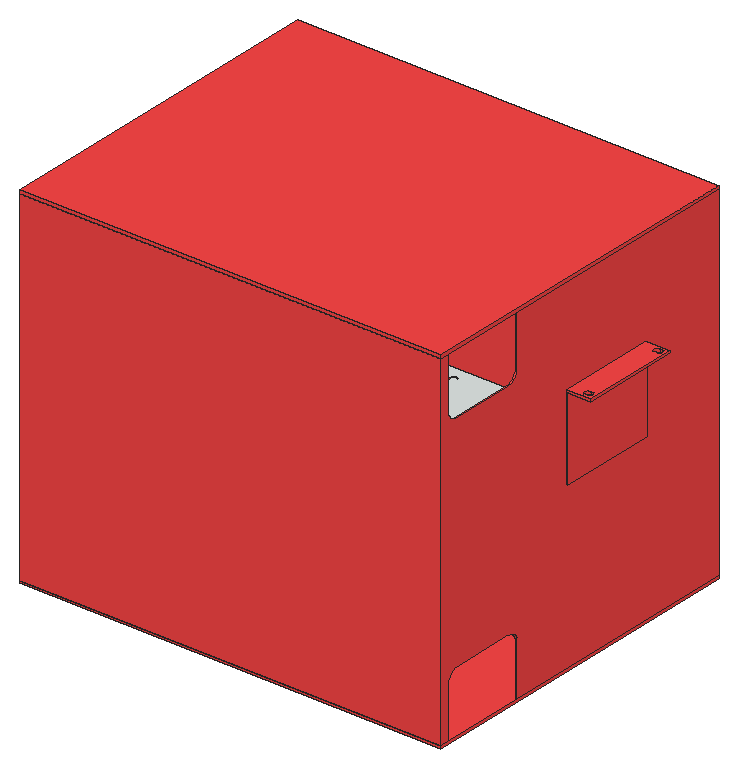
Revit family (continued)
Dimensions and locks (in)
  "zz Length 28": plane 140 to plane 139
  "zz Length 28": plane 137 to plane 138
  "zz Length 58": plane 135 to plane 140
  "zz Length 58": plane 138 to plane 136
  locked: plane 141 to plane 127 at 0.5
  locked: plane 142 to plane 128 at 1
  "zz Length 21": plane 143 to plane 60 "Tray 2 Bottom"
  "zz Length 33": plane 144 to plane 143
  "zz Length 54": plane 115 to plane 121
  "zz Length 14": plane 121 to plane 122
  "zz Length 14": plane 116 to plane 115
  "zz Length 8": plane 120 to plane 118
  "zz Length 8": plane 124 to plane 126
  "zz Length 14": plane 123 to plane 124
  "zz Length 14": plane 118 to plane 117
  "zz Length 14": plane 120 to plane 119
  "zz Length 14": plane 125 to plane 126
  "zz Length 34": plane 118 to plane 115
  "zz Length 34": plane 121 to plane 124
  equal spacing: plane 145, plane 52, plane 151
  "zz Length 54": plane 145 to plane 151
  "zz Length 14": plane 151 to plane 152
  "zz Length 14": plane 146 to plane 145
  "zz Length 8": plane 150 to plane 148
  "zz Length 8": plane 154 to plane 156
  "zz Length 14": plane 153 to plane 154
  "zz Length 14": plane 148 to plane 147
  "zz Length 14": plane 150 to plane 149
  "zz Length 14": plane 155 to plane 156
  "zz Length 34": plane 148 to plane 145
  "zz Length 34": plane 151 to plane 154
  "zz Length 21": plane 158 to plane 40 "Tray 1 Bottom"
  "zz Length 33": plane 158 to plane 157
  "zz Length 14": plane 165 to plane 166
  "zz Length 14": plane 160 to plane 159
  "zz Length 8": plane 164 to plane 162
  "zz Length 8": plane 168 to plane 170
  "zz Length 14": plane 167 to plane 168
  "zz Length 14": plane 162 to plane 161
  "zz Length 34": plane 162 to plane 159
  "zz Length 34": plane 165 to plane 168
  equal spacing: plane 171, plane 164, plane 172
  "zz Length 26": plane 171 to plane 172
  equal spacing: plane 173, plane 163, plane 174
  "zz Length 26": plane 173 to plane 174
  equal spacing: plane 175, plane 162, plane 176
  "zz Length 26": plane 175 to plane 176
  equal spacing: plane 177, plane 161, plane 178
  "zz Length 26": plane 177 to plane 178
  equal spacing: plane 179, plane 160, plane 180
  "zz Length 26": plane 179 to plane 180
  equal spacing: plane 181, plane 159, plane 182
  "zz Length 26": plane 181 to plane 182
  equal spacing: plane 183, plane 165, plane 184
  "zz Length 26": plane 183 to plane 184
  equal spacing: plane 185, plane 166, plane 186
  "zz Length 26": plane 185 to plane 186
  equal spacing: plane 187, plane 167, plane 188
  "zz Length 26": plane 187 to plane 188
  equal spacing: plane 189, plane 168, plane 190
  "zz Length 26": plane 189 to plane 190
  equal spacing: plane 191, plane 169, plane 192
  "zz Length 26": plane 191 to plane 192
  equal spacing: plane 193, plane 170, plane 194
  "zz Length 26": plane 193 to plane 194
  "zz Length 21": plane 197 to plane 196
  "zz Length 33": plane 198 to plane 197
  "zz Length 21": plane 200 to plane 195
  "zz Length 33": plane 200 to plane 199
  equal spacing: plane 202, plane 201, plane 203
  "zz Length 26": plane 202 to plane 203
  equal spacing: plane 205, plane 204, plane 206
  "zz Length 26": plane 205 to plane 206
  equal spacing: plane 207, plane 200, plane 208
  "zz Length 26": plane 207 to plane 208
  equal spacing: plane 209, plane 197, plane 210
  "zz Length 26": plane 209 to plane 210
  "zz Length 40": plane 198 to plane 201
  "zz Length 40": plane 204 to plane 199
  equal spacing: plane 164, plane 163, plane 162
  equal spacing: plane 168, plane 169, plane 170
  equal spacing: plane 212, plane 211, plane 213
  "zz Length 26": plane 212 to plane 213
  "zz Length 14": plane 220 to plane 221
  "zz Length 14": plane 215 to plane 214
  "zz Length 8": plane 219 to plane 217
  "zz Length 8": plane 223 to plane 225
  "zz Length 14": plane 222 to plane 223
  "zz Length 14": plane 217 to plane 216
  "zz Length 34": plane 217 to plane 214
  "zz Length 34": plane 220 to plane 223
  equal spacing: plane 226, plane 219, plane 227
  "zz Length 26": plane 226 to plane 227
  equal spacing: plane 228, plane 218, plane 229
  "zz Length 26": plane 228 to plane 229
  equal spacing: plane 230, plane 217, plane 231
  "zz Length 26": plane 230 to plane 231
  equal spacing: plane 232, plane 216, plane 233
  "zz Length 26": plane 232 to plane 233
  equal spacing: plane 234, plane 215, plane 235
  "zz Length 26": plane 234 to plane 235
  equal spacing: plane 236, plane 214, plane 237
  "zz Length 26": plane 236 to plane 237
  equal spacing: plane 238, plane 220, plane 239
  "zz Length 26": plane 238 to plane 239
  equal spacing: plane 240, plane 221, plane 241
  "zz Length 26": plane 240 to plane 241
  equal spacing: plane 242, plane 222, plane 243
  "zz Length 26": plane 242 to plane 243
  equal spacing: plane 244, plane 223, plane 245
  "zz Length 26": plane 244 to plane 245
  equal spacing: plane 246, plane 224, plane 247
  "zz Length 26": plane 246 to plane 247
  equal spacing: plane 248, plane 225, plane 249
  "zz Length 26": plane 248 to plane 249
  equal spacing: plane 219, plane 218, plane 217
  equal spacing: plane 223, plane 224, plane 225
  equal spacing: plane 251, plane 250, plane 252
  "zz Length 26": plane 251 to plane 252
  "zz Length 51": plane 106 to plane 211
  "zz Length 51": plane 250 to plane 105
  equal spacing: plane 220, plane 250, plane 214
  "zz Length 54": plane 220 to plane 214
  equal spacing: plane 159, plane 211, plane 165
  "zz Length 54": plane 159 to plane 165
  "zz Length 52": plane 196 to plane 60 "Tray 2 Bottom"
  "zz Length 52": plane 195 to plane 40 "Tray 1 Bottom"
  plane 253 to plane 141 = 0.500"
  "zz Length 57": plane 254 to plane 255
  "zz Length 57": plane 256 to plane 257
  "zz Length 15": plane 256 to plane 254
  equal spacing: plane 256, plane 106, plane 254
  "zz Length 44": radius of Extrusion 8 sketch curve  (x4)
  "zz Length 44": radius of Extrusion 9 sketch curve  (x4)
  "zz Length 6": radius of Extrusion 17 sketch curve  (x4)
  "zz Length 6": radius of Extrusion 16 sketch curve  (x4)
  "zz Length 6": radius of Extrusion 18 sketch curve  (x4)
  "zz Length 6": radius of Extrusion 22 sketch curve  (x4)
  "zz Length 6": radius of Extrusion 20 sketch curve  (x4)
  "zz Length 6": radius of Extrusion 19 sketch curve  (x4)
  "zz Length 6": radius of Extrusion 21 sketch curve  (x4)
  "zz Length 6": radius of Extrusion 23 sketch curve  (x4)
  "zz Length 6": radius of Extrusion 28 sketch curve  (x2)
  "zz Length 6": radius of Extrusion 29 sketch curve  (x2)
  "zz Length 6": radius of Extrusion 30 sketch curve  (x2)
  "zz Length 6": radius of Extrusion 31 sketch curve  (x2)
  "zz Length 6": radius of Extrusion 32 sketch curve  (x2)
  "zz Length 6": radius of Extrusion 33 sketch curve  (x2)
  "zz Length 6": radius of Extrusion 34 sketch curve  (x2)
  "zz Length 6": radius of Extrusion 35 sketch curve  (x2)
  "zz Angle 2": angle plane 11 to curve 1
  "zz Angle 1": angle curve 3 to plane 10
  aligned and locked: plane 2 "Center (Elevation)" to level
  aligned and locked: plane 7 "Enclosure Top" to Extrusion 1 sketch curve
  aligned and locked: plane 4 to Extrusion 1 sketch curve
  aligned and locked: plane 6 "Enclosure Bottom" to Extrusion 1 sketch curve
  aligned and locked: plane 5 to Extrusion 1 sketch curve
  aligned and locked: Extrusion 1 to plane 11
  aligned and locked: Extrusion 1 to plane 10
  aligned and locked: plane 14 "Top Wall" to Extrusion 1 sketch curve
  aligned and locked: plane 12 to Extrusion 1 sketch curve
  aligned and locked: plane 15 "Bottom Floor" to Extrusion 1 sketch curve
  aligned and locked: plane 13 to Extrusion 1 sketch curve
  aligned and locked: plane 20 to Extrusion 2 sketch curve
  aligned and locked: Extrusion 2 sketch curve to plane 16
  aligned and locked: plane 8 "Host" to Extrusion 2 sketch curve
  aligned and locked: Extrusion 2 sketch curve to plane 18
  aligned and locked: Extrusion 2 sketch curve to plane 4
  aligned and locked: plane 21 to Extrusion 2 sketch curve
  aligned and locked: Extrusion 2 sketch curve to plane 20
  aligned and locked: Extrusion 2 sketch curve to plane 8 "Host"
  aligned and locked: plane 19 to Extrusion 2 sketch curve
  aligned and locked: plane 5 to Extrusion 2 sketch curve
  aligned and locked: plane 17 to Extrusion 2 sketch curve
  aligned and locked: Extrusion 2 sketch curve to plane 21
  aligned and locked: plane 25 to Extrusion 3 sketch curve  (x2)
  aligned and locked: plane 24 to Extrusion 3 sketch curve  (x2)
  aligned and locked: Extrusion 3 to plane 11
  aligned and locked: Extrusion 3 to plane 10
  aligned and locked: plane 28 to Extrusion 3 sketch curve  (x2)
  aligned and locked: plane 29 to Extrusion 3 sketch curve  (x2)
  aligned and locked: plane 40 "Tray 1 Bottom" to Extrusion 4 sketch curve
  aligned and locked: plane 34 to Extrusion 4 sketch curve
  aligned and locked: Extrusion 4 sketch curve to plane 42 "Tray 1 Wall 1 Top"
  aligned and locked: Extrusion 4 sketch curve to plane 35
  aligned and locked: Extrusion 4 sketch curve to plane 41 "Tray 1 Bottom Wall"  (x2)
  aligned and locked: plane 36 "Tray 1 Snap" to Extrusion 4 sketch curve
  aligned and locked: Extrusion 4 sketch curve to plane 37
  aligned and locked: plane 44 "Tray 1 Wall 2 Top" to Extrusion 4 sketch curve
  aligned and locked: plane 39 to Extrusion 4 sketch curve
  aligned and locked: Extrusion 4 sketch curve to plane 33
  aligned and locked: plane 43 "Tray 1 Wall 3 Top" to Extrusion 4 sketch curve
  aligned and locked: Extrusion 4 to plane 31 "Tray Left"
  aligned and locked: Extrusion 4 to plane 32 "Tray Right"
  aligned and locked: Extrusion 5 to plane 54
  aligned and locked: Extrusion 5 to plane 53
  aligned and locked: plane 73 to Extrusion 3 sketch curve  (x4)
  aligned and locked: plane 72 to Extrusion 3 sketch curve  (x4)
  aligned and locked: plane 66 to Extrusion 2
  aligned and locked: plane 67 to Extrusion 2
  aligned and locked: plane 25 to Extrusion 6 sketch curve  (x2)
  aligned and locked: plane 24 to Extrusion 6 sketch curve  (x2)
  aligned and locked: plane 82 to Extrusion 6 sketch curve  (x4)
  aligned and locked: plane 28 to Extrusion 6 sketch curve  (x2)
  aligned and locked: plane 29 to Extrusion 6 sketch curve  (x2)
  aligned and locked: plane 81 to Extrusion 6 sketch curve  (x4)
  aligned and locked: plane 20 to Extrusion 7 sketch curve
  aligned and locked: plane 8 "Host" to Extrusion 7 sketch curve
  aligned and locked: Extrusion 7 sketch curve to plane 18
  aligned and locked: Extrusion 7 sketch curve to plane 4
  aligned and locked: Extrusion 7 sketch curve to plane 5
  aligned and locked: Extrusion 7 sketch curve to plane 19
  aligned and locked: plane 21 to Extrusion 7 sketch curve  (x2)
  aligned and locked: Extrusion 7 sketch curve to plane 16
  aligned and locked: Extrusion 7 sketch curve to plane 17
  aligned and locked: plane 75 to Extrusion 7
  aligned and locked: plane 76 to Extrusion 7
  aligned and locked: plane 64 "Tray 2 Wall 2 Top" to Extrusion 5 sketch curve
  aligned and locked: plane 87 "Tray 2 Snap" to Extrusion 5 sketch curve
  aligned and locked: Extrusion 5 sketch curve to plane 88
  aligned and locked: Extrusion 5 sketch curve to plane 61 "Tray 2 Bottom Wall"
  aligned and locked: plane 60 "Tray 2 Bottom" to Extrusion 5 sketch curve
  aligned and locked: plane 62 "Tray 2 Wall 1 Top" to Extrusion 5 sketch curve
  aligned and locked: plane 85 to Extrusion 5 sketch curve
  aligned and locked: Extrusion 5 sketch curve to plane 86
  aligned and locked: plane 63 "Tray 2 Wall 3 Top" to Extrusion 5 sketch curve
  aligned and locked: plane 90 to Extrusion 5 sketch curve
  aligned and locked: Extrusion 5 sketch curve to plane 84
  aligned and locked: plane 10 to Extrusion 8 sketch curve
  aligned and locked: plane 94 "Cutout 1 Bottom" to Extrusion 8 sketch curve
  aligned and locked: Extrusion 8 sketch curve to plane 98
  aligned and locked: Extrusion 8 sketch curve to plane 97
  aligned and locked: Extrusion 8 sketch curve to plane 93 "Cutout 1 Top"
  aligned and locked: plane 11 to Extrusion 8 sketch curve
  aligned and locked: plane 102 to Extrusion 8 sketch curve  (x2)
  aligned and locked: plane 101 to Extrusion 8 sketch curve  (x2)
  aligned and locked: plane 99 to Extrusion 8 sketch curve
  aligned and locked: plane 100 to Extrusion 8 sketch curve
  aligned and locked: Extrusion 9 sketch curve to plane 97
  aligned and locked: Extrusion 9 sketch curve to plane 98
  aligned and locked: Extrusion 9 sketch curve to plane 95 "Cutout 2 Top"  (x2)
  aligned and locked: plane 96 "Cutout 2 Bottom" to Extrusion 9 sketch curve  (x2)
  aligned and locked: plane 11 to Extrusion 9 sketch curve
  aligned and locked: plane 10 to Extrusion 9 sketch curve
  aligned and locked: plane 103 to Extrusion 9 sketch curve
  aligned and locked: plane 16 to Extrusion 8
  aligned and locked: plane 16 to Extrusion 9
  aligned and locked: plane 17 to Extrusion 8
  aligned and locked: plane 17 to Extrusion 9
  aligned and locked: Extrusion 6 to plane 11
  aligned and locked: Extrusion 6 to plane 10
  aligned and locked: plane 6 "Enclosure Bottom" to curve 1
  aligned and locked: plane 11 to curve 1
  aligned and locked: Extrusion 10 sketch curve to curve 1  (x3)
  aligned and locked: Extrusion 10 to plane 5
  aligned and locked: Extrusion 10 to plane 4
  aligned and locked: plane 6 "Enclosure Bottom" to curve 3
  aligned and locked: plane 10 to curve 3
  aligned and locked: Extrusion 11 sketch curve to curve 3  (x2)
  aligned and locked: Extrusion 11 sketch curve to curve 4  (x2)
  aligned and locked: Extrusion 11 to plane 4
  aligned and locked: Extrusion 11 to plane 5
  aligned and locked: Extrusion 12 sketch curve to plane 112
  aligned and locked: plane 108 to Extrusion 12 sketch curve
  aligned and locked: plane 113 to Extrusion 12 sketch curve
  aligned and locked: plane 107 to Extrusion 12 sketch curve
  aligned: Extrusion 12 to plane 85
  aligned and locked: plane 89 to Extrusion 12
  aligned and locked: plane 88 to Extrusion 13
  aligned and locked: Extrusion 13 to plane 87 "Tray 2 Snap"
  aligned and locked: plane 64 "Tray 2 Wall 2 Top" to Extrusion 13 sketch curve
  aligned and locked: plane 53 to Extrusion 13 sketch curve
  aligned and locked: plane 61 "Tray 2 Bottom Wall" to Extrusion 13 sketch curve
  aligned and locked: plane 54 to Extrusion 13 sketch curve
  aligned and locked: plane 32 "Tray Right" to Extrusion 14 sketch curve
  aligned and locked: plane 31 "Tray Left" to Extrusion 14 sketch curve
  aligned and locked: Extrusion 14 to plane 36 "Tray 1 Snap"
  aligned and locked: plane 37 to Extrusion 14
  aligned and locked: plane 44 "Tray 1 Wall 2 Top" to Extrusion 14 sketch curve
  aligned and locked: plane 41 "Tray 1 Bottom Wall" to Extrusion 14 sketch curve
  aligned and locked: plane 128 to Extrusion 12
  aligned and locked: plane 134 to Extrusion 15 sketch curve
  aligned and locked: Extrusion 15 sketch curve to plane 133
  aligned and locked: Extrusion 15 sketch curve to plane 131
  aligned and locked: plane 132 to Extrusion 15 sketch curve
  aligned and locked: Extrusion 15 sketch curve to plane 112
  aligned and locked: plane 113 to Extrusion 15 sketch curve
  aligned and locked: plane 130 to Extrusion 15 sketch curve
  aligned and locked: plane 129 to Extrusion 15 sketch curve
  aligned and locked: Extrusion 15 to plane 128
  aligned and locked: plane 142 to Extrusion 15
  aligned and locked: plane 120 to Extrusion 17 sketch curve
  aligned and locked: plane 118 to Extrusion 17 sketch curve
  aligned and locked: plane 124 to Extrusion 17 sketch curve
  aligned and locked: plane 126 to Extrusion 17 sketch curve
  aligned and locked: plane 144 to Extrusion 17 sketch curve  (x4)
  aligned and locked: plane 143 to Extrusion 16 sketch curve  (x4)
  aligned and locked: plane 120 to Extrusion 16 sketch curve
  aligned and locked: plane 118 to Extrusion 16 sketch curve
  aligned and locked: plane 124 to Extrusion 16 sketch curve
  aligned and locked: plane 126 to Extrusion 16 sketch curve
  aligned and locked: plane 119 to Extrusion 18 sketch curve
  aligned and locked: plane 117 to Extrusion 18 sketch curve
  aligned and locked: plane 123 to Extrusion 18 sketch curve
  aligned and locked: plane 125 to Extrusion 18 sketch curve
  aligned and locked: plane 144 to Extrusion 18 sketch curve  (x4)
  aligned and locked: plane 158 to Extrusion 22 sketch curve  (x4)
  aligned and locked: plane 149 to Extrusion 22 sketch curve
  aligned and locked: plane 147 to Extrusion 22 sketch curve
  aligned and locked: plane 153 to Extrusion 22 sketch curve
  aligned and locked: plane 155 to Extrusion 22 sketch curve
  aligned and locked: plane 150 to Extrusion 20 sketch curve
  aligned and locked: plane 148 to Extrusion 20 sketch curve
  aligned and locked: plane 154 to Extrusion 20 sketch curve
  aligned and locked: plane 156 to Extrusion 20 sketch curve
  aligned and locked: plane 158 to Extrusion 20 sketch curve  (x4)
  aligned and locked: plane 157 to Extrusion 21 sketch curve  (x4)
  aligned and locked: plane 149 to Extrusion 21 sketch curve
  aligned and locked: plane 147 to Extrusion 21 sketch curve
  aligned and locked: plane 153 to Extrusion 21 sketch curve
  aligned and locked: plane 155 to Extrusion 21 sketch curve
  aligned and locked: plane 150 to Extrusion 19 sketch curve
  aligned and locked: plane 148 to Extrusion 19 sketch curve
  aligned and locked: plane 154 to Extrusion 19 sketch curve
  aligned and locked: plane 156 to Extrusion 19 sketch curve
  aligned and locked: plane 157 to Extrusion 19 sketch curve  (x4)
  aligned: plane 141 to Extrusion 19
  aligned: plane 141 to Extrusion 20
  aligned and locked: plane 38 to Extrusion 19
  aligned and locked: plane 38 to Extrusion 20
  aligned: plane 141 to Extrusion 22
  aligned: plane 141 to Extrusion 21
  aligned and locked: plane 38 to Extrusion 21
  aligned and locked: plane 38 to Extrusion 22
  aligned and locked: plane 142 to Extrusion 16
  aligned and locked: plane 142 to Extrusion 17
  aligned and locked: plane 89 to Extrusion 16
  aligned and locked: plane 89 to Extrusion 17
  aligned and locked: plane 142 to Extrusion 18
  aligned and locked: plane 89 to Extrusion 18
  aligned and locked: plane 119 to Extrusion 23 sketch curve
  aligned and locked: plane 117 to Extrusion 23 sketch curve
  aligned and locked: plane 123 to Extrusion 23 sketch curve
  aligned and locked: plane 125 to Extrusion 23 sketch curve
  aligned and locked: plane 143 to Extrusion 23 sketch curve  (x4)
  aligned and locked: plane 142 to Extrusion 23
  aligned and locked: plane 89 to Extrusion 23
  aligned and locked: plane 88 to Extrusion 24 sketch curve
  aligned and locked: plane 65 "Tray 2 Bend Bottom" to Extrusion 24 sketch curve
  aligned and locked: plane 64 "Tray 2 Wall 2 Top" to Extrusion 24 sketch curve
  aligned and locked: Extrusion 24 sketch curve to plane 89
  aligned and locked: plane 37 to Extrusion 25 sketch curve
  aligned and locked: Extrusion 25 sketch curve to plane 38
  aligned and locked: plane 44 "Tray 1 Wall 2 Top" to Extrusion 25 sketch curve
  aligned and locked: plane 45 "Tray 1 Bend Bottom" to Extrusion 25 sketch curve
  aligned and locked: Extrusion 24 to plane 54
  aligned and locked: Extrusion 24 to plane 53
  aligned and locked: Extrusion 25 to plane 31 "Tray Left"
  aligned and locked: Extrusion 25 to plane 32 "Tray Right"
  aligned and locked: plane 53 to Extrusion 26 sketch curve
  aligned and locked: plane 54 to Extrusion 26 sketch curve
  aligned and locked: plane 63 "Tray 2 Wall 3 Top" to Extrusion 26 sketch curve
  aligned and locked: plane 61 "Tray 2 Bottom Wall" to Extrusion 26 sketch curve
  aligned and locked: plane 58 to Extrusion 26 sketch curve
  aligned and locked: Extrusion 26 sketch curve to plane 56
  aligned and locked: Extrusion 26 sketch curve to plane 55
  aligned and locked: plane 57 to Extrusion 26 sketch curve
  aligned and locked: plane 48 to Extrusion 27 sketch curve
  aligned and locked: Extrusion 27 sketch curve to plane 46
  aligned and locked: plane 31 "Tray Left" to Extrusion 27 sketch curve
  aligned and locked: Extrusion 27 sketch curve to plane 47
  aligned and locked: plane 49 to Extrusion 27 sketch curve
  aligned and locked: plane 32 "Tray Right" to Extrusion 27 sketch curve
  aligned and locked: plane 43 "Tray 1 Wall 3 Top" to Extrusion 27 sketch curve
  aligned and locked: plane 41 "Tray 1 Bottom Wall" to Extrusion 27 sketch curve
  aligned and locked: plane 91 to Extrusion 26
  aligned and locked: Extrusion 26 to plane 92
  aligned and locked: plane 50 to Extrusion 27
  aligned and locked: Extrusion 27 to plane 51
  aligned and locked: plane 210 to curve 58
  aligned and locked: plane 209 to curve 58
  aligned and locked: plane 246 to curve 57
  aligned and locked: plane 247 to curve 57
  aligned and locked: curve 57 to plane 197
  aligned and locked: curve 58 to plane 224
  aligned and locked: plane 252 to curve 63
  aligned and locked: plane 251 to curve 63
  aligned and locked: plane 210 to curve 64
  aligned and locked: plane 209 to curve 64
  aligned and locked: plane 210 to curve 66
  aligned and locked: plane 209 to curve 66
  aligned and locked: plane 228 to curve 65
  aligned and locked: plane 229 to curve 65
  aligned and locked: plane 218 to curve 66
  aligned and locked: curve 65 to plane 197
  aligned and locked: curve 64 to plane 250
  aligned and locked: curve 63 to plane 197
  aligned and locked: plane 201 to curve 29
  aligned and locked: plane 201 to curve 30
  aligned and locked: plane 201 to curve 31
  aligned and locked: plane 201 to curve 32
  aligned and locked: plane 201 to curve 33
  aligned and locked: plane 201 to curve 34
  aligned and locked: plane 201 to curve 55
  aligned and locked: plane 201 to curve 35
  aligned and locked: plane 201 to curve 36
  aligned and locked: plane 201 to curve 37
  aligned and locked: plane 201 to curve 38
  aligned and locked: plane 201 to curve 39
  aligned and locked: plane 201 to curve 40
  aligned and locked: curve 41 to plane 225
  aligned and locked: curve 42 to plane 224
  aligned and locked: curve 43 to plane 223
  aligned and locked: curve 44 to plane 222
  aligned and locked: curve 45 to plane 221
  aligned and locked: curve 46 to plane 220
  aligned and locked: curve 56 to plane 250
  aligned and locked: plane 214 to curve 47
  aligned and locked: plane 215 to curve 48
  aligned and locked: plane 216 to curve 49
  aligned and locked: plane 217 to curve 50
  aligned and locked: plane 218 to curve 51
  aligned and locked: plane 219 to curve 52
  aligned and locked: plane 203 to curve 41
  aligned and locked: plane 203 to curve 42
  aligned and locked: plane 203 to curve 43
  aligned and locked: plane 203 to curve 44
  aligned and locked: plane 203 to curve 45
  aligned and locked: plane 203 to curve 46
  aligned and locked: plane 203 to curve 56
  aligned and locked: plane 203 to curve 47
  aligned and locked: plane 203 to curve 48
  aligned and locked: plane 203 to curve 49
  aligned and locked: plane 203 to curve 50
  aligned and locked: plane 203 to curve 51
  aligned and locked: plane 203 to curve 52
  aligned and locked: plane 202 to curve 41
  aligned and locked: plane 202 to curve 42
  aligned and locked: plane 202 to curve 43
  aligned and locked: plane 202 to curve 44
  aligned and locked: plane 202 to curve 45
  aligned and locked: plane 202 to curve 46
  aligned and locked: plane 202 to curve 56
  aligned and locked: plane 202 to curve 47
  aligned and locked: plane 202 to curve 48
  aligned and locked: plane 202 to curve 49
  aligned and locked: plane 202 to curve 50
  aligned and locked: plane 202 to curve 51
  aligned and locked: plane 202 to curve 52
  aligned and locked: plane 249 to curve 29
  aligned and locked: plane 248 to curve 29
  aligned and locked: plane 247 to curve 30
  aligned and locked: plane 246 to curve 30
  aligned and locked: plane 245 to curve 31
  aligned and locked: plane 244 to curve 31
  aligned and locked: plane 243 to curve 32
  aligned and locked: plane 242 to curve 32
  aligned and locked: plane 241 to curve 33
  aligned and locked: plane 240 to curve 33
  aligned and locked: plane 239 to curve 34
  aligned and locked: plane 238 to curve 34
  aligned and locked: plane 252 to curve 55
  aligned and locked: plane 251 to curve 55
  aligned and locked: plane 237 to curve 35
  aligned and locked: plane 236 to curve 35
  aligned and locked: plane 235 to curve 36
  aligned and locked: plane 234 to curve 36
  aligned and locked: plane 233 to curve 37
  aligned and locked: plane 232 to curve 37
  aligned and locked: plane 231 to curve 38
  aligned and locked: plane 230 to curve 38
  aligned and locked: plane 229 to curve 39
  aligned and locked: plane 228 to curve 39
  aligned and locked: plane 227 to curve 40
  aligned and locked: plane 226 to curve 40
  aligned and locked: curve 17 to plane 164
  aligned and locked: curve 18 to plane 163
  aligned and locked: curve 60 to plane 163
  aligned and locked: curve 19 to plane 162
  aligned and locked: curve 20 to plane 161
  aligned and locked: curve 21 to plane 160
  aligned and locked: curve 22 to plane 159
  aligned and locked: plane 211 to curve 54
  aligned and locked: plane 211 to curve 68
  aligned and locked: plane 165 to curve 23
  aligned and locked: plane 166 to curve 24
  aligned and locked: plane 167 to curve 25
  aligned and locked: plane 168 to curve 26
  aligned and locked: plane 169 to curve 27
  aligned and locked: plane 169 to curve 62
  aligned and locked: plane 170 to curve 28
  aligned and locked: plane 200 to curve 61
  aligned and locked: plane 200 to curve 67
  aligned and locked: plane 200 to curve 59
  aligned and locked: plane 204 to curve 5
  aligned and locked: plane 204 to curve 6
  aligned and locked: plane 204 to curve 7
  aligned and locked: plane 204 to curve 8
  aligned and locked: plane 204 to curve 9
  aligned and locked: plane 204 to curve 10
  aligned and locked: plane 204 to curve 53
  aligned and locked: plane 204 to curve 11
  aligned and locked: plane 204 to curve 12
  aligned and locked: plane 204 to curve 13
  aligned and locked: plane 204 to curve 14
  aligned and locked: plane 204 to curve 15
  aligned and locked: plane 204 to curve 16
  aligned and locked: plane 171 to curve 5
  aligned and locked: plane 172 to curve 5
  aligned and locked: plane 173 to curve 6
  aligned and locked: plane 173 to curve 59
  aligned and locked: plane 174 to curve 6
  aligned and locked: plane 174 to curve 59
  aligned and locked: plane 175 to curve 7
  aligned and locked: plane 176 to curve 7
  aligned and locked: plane 177 to curve 8
  aligned and locked: plane 178 to curve 8
  aligned and locked: plane 179 to curve 9
  aligned and locked: plane 180 to curve 9
  aligned and locked: plane 181 to curve 10
  aligned and locked: plane 182 to curve 10
  aligned and locked: plane 212 to curve 53
  aligned and locked: plane 212 to curve 67
  aligned and locked: plane 213 to curve 53
  aligned and locked: plane 213 to curve 67
  aligned and locked: plane 183 to curve 11
  aligned and locked: plane 184 to curve 11
  aligned and locked: plane 185 to curve 12
  aligned and locked: plane 186 to curve 12
  aligned and locked: plane 187 to curve 13
  aligned and locked: plane 188 to curve 13
  aligned and locked: plane 189 to curve 14
  aligned and locked: plane 190 to curve 14
  aligned and locked: plane 191 to curve 15
  aligned and locked: plane 192 to curve 15
  aligned and locked: plane 191 to curve 61
  aligned and locked: plane 192 to curve 61
  aligned and locked: plane 193 to curve 16
  aligned and locked: plane 194 to curve 16
  aligned and locked: plane 208 to curve 62
  aligned and locked: plane 207 to curve 62
  aligned and locked: plane 208 to curve 68
  aligned and locked: plane 207 to curve 68
  aligned and locked: plane 208 to curve 60
  aligned and locked: plane 207 to curve 60
  aligned and locked: plane 206 to curve 17
  aligned and locked: plane 206 to curve 18
  aligned and locked: plane 206 to curve 19
  aligned and locked: plane 206 to curve 20
  aligned and locked: plane 206 to curve 21
  aligned and locked: plane 206 to curve 22
  aligned and locked: plane 206 to curve 54
  aligned and locked: plane 206 to curve 23
  aligned and locked: plane 206 to curve 24
  aligned and locked: plane 206 to curve 25
  aligned and locked: plane 206 to curve 26
  aligned and locked: plane 206 to curve 27
  aligned and locked: plane 206 to curve 28
  aligned and locked: plane 205 to curve 17
  aligned and locked: plane 205 to curve 18
  aligned and locked: plane 205 to curve 19
  aligned and locked: plane 205 to curve 20
  aligned and locked: plane 205 to curve 21
  aligned and locked: plane 205 to curve 22
  aligned and locked: plane 205 to curve 54
  aligned and locked: plane 205 to curve 23
  aligned and locked: plane 205 to curve 24
  aligned and locked: plane 205 to curve 25
  aligned and locked: plane 205 to curve 26
  aligned and locked: plane 205 to curve 27
  aligned and locked: plane 205 to curve 28
  aligned and locked: plane 151 to Extrusion 28 sketch curve
  aligned and locked: plane 145 to Extrusion 28 sketch curve
  aligned and locked: plane 157 to Extrusion 28 sketch curve  (x2)
  aligned: plane 89 to Extrusion 28
  aligned: plane 142 to Extrusion 28
  aligned: plane 89 to Extrusion 29
  aligned: plane 142 to Extrusion 29
  aligned: plane 89 to Extrusion 30
  aligned: plane 89 to Extrusion 31
  aligned: plane 142 to Extrusion 30
  aligned: plane 142 to Extrusion 31
  aligned and locked: plane 146 to Extrusion 31 sketch curve
  aligned and locked: plane 158 to Extrusion 31 sketch curve  (x2)
  aligned and locked: plane 158 to Extrusion 29 sketch curve  (x2)
  aligned and locked: plane 151 to Extrusion 29 sketch curve
  aligned and locked: plane 145 to Extrusion 29 sketch curve
  aligned and locked: plane 157 to Extrusion 30 sketch curve  (x2)
  aligned and locked: plane 152 to Extrusion 30 sketch curve
  aligned and locked: plane 146 to Extrusion 30 sketch curve
  aligned and locked: plane 144 to Extrusion 32 sketch curve  (x2)
  aligned and locked: plane 121 to Extrusion 32 sketch curve
  aligned and locked: plane 115 to Extrusion 32 sketch curve
  aligned and locked: plane 144 to Extrusion 33 sketch curve  (x2)
  aligned and locked: plane 122 to Extrusion 33 sketch curve
  aligned and locked: plane 116 to Extrusion 33 sketch curve
  aligned and locked: plane 143 to Extrusion 34 sketch curve  (x2)
  aligned and locked: plane 115 to Extrusion 34 sketch curve
  aligned and locked: plane 121 to Extrusion 34 sketch curve
  aligned and locked: plane 143 to Extrusion 35 sketch curve  (x2)
  aligned and locked: plane 116 to Extrusion 35 sketch curve
  aligned and locked: plane 122 to Extrusion 35 sketch curve
  aligned and locked: plane 38 to Extrusion 30
  aligned: plane 141 to Extrusion 30
  aligned and locked: Extrusion 28 to plane 38
  aligned: plane 141 to Extrusion 28
  aligned and locked: Extrusion 31 to plane 38
  aligned and locked: Extrusion 29 to plane 38
  aligned: plane 141 to Extrusion 31
  aligned: plane 141 to Extrusion 29
  aligned and locked: Extrusion 35 to plane 142
  aligned and locked: plane 89 to Extrusion 35
  aligned and locked: plane 142 to Extrusion 34
  aligned and locked: plane 89 to Extrusion 34
  aligned and locked: plane 142 to Extrusion 32
  aligned and locked: plane 89 to Extrusion 32
  aligned and locked: Extrusion 33 to plane 142
  aligned and locked: plane 89 to Extrusion 33
  aligned and locked: Extrusion 36 sketch curve to plane 141
  aligned and locked: plane 127 to Extrusion 36 sketch curve
  aligned and locked: plane 109 to Extrusion 36 sketch curve
  aligned and locked: plane 110 to Extrusion 36 sketch curve
  aligned and locked: plane 136 to Extrusion 36 sketch curve
  aligned and locked: plane 135 to Extrusion 36 sketch curve
  aligned and locked: Extrusion 36 sketch curve to plane 38
  aligned and locked: Extrusion 36 sketch curve to plane 253  (x2)
  aligned and locked: plane 257 to Extrusion 36 sketch curve
  aligned and locked: Extrusion 36 sketch curve to plane 256
  aligned and locked: Extrusion 36 sketch curve to plane 254
  aligned and locked: plane 255 to Extrusion 36 sketch curve
  aligned and locked: plane 140 to Extrusion 36 sketch curve
  aligned and locked: Extrusion 36 sketch curve to plane 139
  aligned and locked: Extrusion 36 sketch curve to plane 137
  aligned and locked: plane 138 to Extrusion 36 sketch curve
  aligned and locked: plane 111 to Extrusion 36
  aligned and locked: Extrusion 36 to plane 114
  aligned and locked: plane 253 to Extrusion 21
  aligned and locked: plane 253 to Extrusion 19
  aligned and locked: plane 253 to Extrusion 30
  aligned and locked: plane 253 to Extrusion 28
  aligned and locked: plane 253 to Extrusion 31
  aligned and locked: plane 253 to Extrusion 20
  aligned and locked: plane 253 to Extrusion 29
  aligned and locked: plane 253 to Extrusion 22
  aligned and locked: plane 11 to Masking region 1 sketch curve
  aligned and locked: plane 4 to Masking region 1 sketch curve
  aligned and locked: plane 5 to Masking region 1 sketch curve
  aligned and locked: plane 10 to Masking region 1 sketch curve
  aligned and locked: curve 72 to plane 17
  aligned and locked: curve 70 to plane 16
  aligned and locked: plane 21 to curve 77
  aligned and locked: plane 21 to curve 74
  aligned and locked: curve 73 to plane 5
  aligned and locked: curve 75 to plane 19
  aligned and locked: curve 76 to plane 18
  aligned and locked: curve 78 to plane 4
  aligned and locked: plane 8 "Host" to curve 71
  aligned and locked: plane 20 to curve 69
Automatic sketch dimensions
  Extrusion 3 sketch curve to plane 71 = 0.000"  (x2)
  Extrusion 3 sketch curve to plane 69 = 0.000"  (x2)
  Extrusion 6 sketch curve to plane 80 = 0.000"  (x2)
  Extrusion 6 sketch curve to plane 78 = 0.000"  (x2)
  Extrusion 7 sketch curve to plane 20 = 0.000"
  Extrusion 7 sketch curve to plane 8 "Host" = 0.000"
  Extrusion 5 sketch curve to plane 61 "Tray 2 Bottom Wall" = 0.000"
  curve 1 to Extrusion 10 sketch curve = 0.125"
  curve 2 to curve 1 = 0.000"  (x2)
  curve 4 to curve 3 = 0.000"  (x2)
  Extrusion 15 sketch curve to Extrusion 15 sketch curve = 0.000"
  Extrusion 15 sketch curve to plane 113 = 0.000"  (x2)
  Extrusion 15 sketch curve to plane 112 = 0.000"
  plane 63 "Tray 2 Wall 3 Top" to Extrusion 26 sketch curve = 0.000"  (x2)
  Extrusion 26 sketch curve to plane 61 "Tray 2 Bottom Wall" = 0.000"  (x2)
  plane 43 "Tray 1 Wall 3 Top" to Extrusion 27 sketch curve = 0.000"  (x2)
  Extrusion 27 sketch curve to plane 41 "Tray 1 Bottom Wall" = 0.000"  (x2)
  Extrusion 31 sketch curve to plane 152 = 0.000"
  plane 141 to Extrusion 36 sketch curve = 0.000"  (x2)
  Extrusion 36 sketch curve to plane 141 = 0.000"  (x2)
  Extrusion 36 sketch curve to plane 127 = 0.000"  (x3)
  curve 72 to plane 20 = 0.000"
  curve 79 to level = 0.000"
